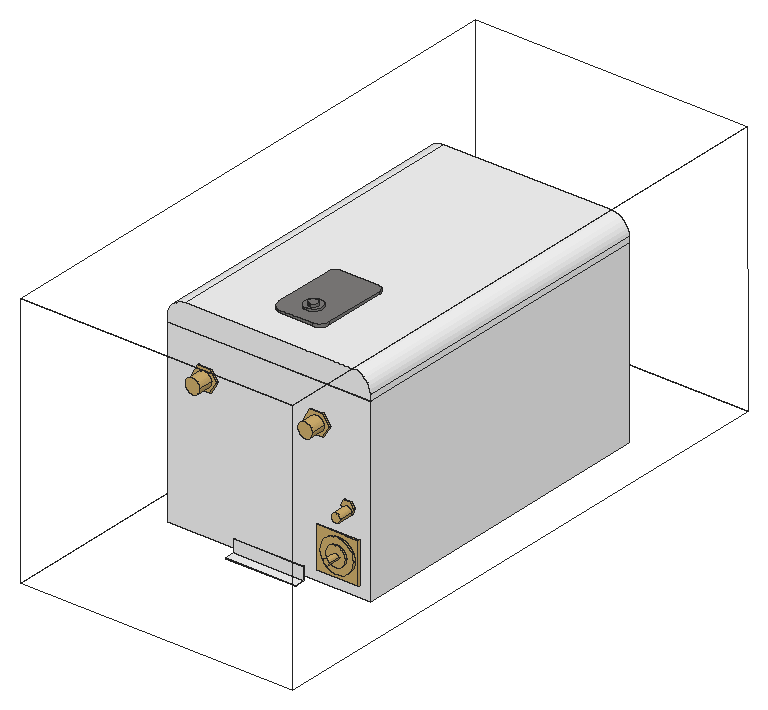
Revit family "Water_Boiler-Navien-NFB-Condensing-NFB-H", category Mechanical Equipment, host Face, Revit 2019
Family settings
  Host = Face
  Round Connector Dimension = Use Diameter
  Part Type = Normal
  OmniClass Number = 23.65.35.11
  OmniClass Title = Supply Water Heaters
  Cut with Voids When Loaded = No
  Shared = No
  Room Calculation Point = No
Parameters (values of type "NFB-200H")
  Width = 1' - 5 77/256"  # constant formula
  Wi-Fi Ready = "NaviLink Wi-Fi Control: This add-on accessory enables access to control temperatures remotely, access usage data and receive diagnostic notifications via smartphone or tablet."  # constant formula
  Weight = 121.00 lbf  # constant formula
  Water Pressure = "6-80 psi"  # constant formula
  Warranty Note = "Heat Exchangers: 15 years limited warranty (Residential), 10 years (Commercial) | Parts: 5 years (Residential), 3 years (Commercial) | Labor: 1 year (Residential), 1 year (Commercial)"  # constant formula
  Warranty = "https://www.navieninc.com/warranties"
  Voltage = 120 V
  Version = "2019 - v1.0.a"  # constant formula
  Venting Type = "Forced draft direct vent"  # constant formula
  Venting = "PVC, CPVC, PP | Size (3in) | Length (150 ft)"  # constant formula
  URL = "https://www.navieninc.com"
  Propane Gas Supply Pressure = "8.0\" to 13.5\" WC"  # constant formula
  Propane Gas Manifold Pressure = "-0.02\"\" to -0.75\"\" WC"
  Product Page URL = "https://www.navieninc.com/products/nfb-200h"
  Product Name = "NFB-H Series Condensing Boiler"  # constant formula
  Product Documentation Link = "https://www.navieninc.com/downloads/nfb-h-quickfacts-en"
  Power Factor = 1
  Phase = 1
  Number of Poles = 1
  Natural Gas Supply Pressure = "3.5\" to 10.5\" WC"  # constant formula
  Natural Gas Manifold Pressure = "-0.03\"\" to -0.85\"\" WC"
  Model = "NFB-200H"
  Material = ""
  Manufacturer Phone Number = "(949) 420-0420"  # constant formula
  Manufacturer Fax Number = "(949) 420-0430"  # constant formula
  Manufacturer Address = "20 Goodyear, Irvine, CA 92618"  # constant formula
  Manufacturer = "Navien, Inc."  # constant formula
  Keynote = "22 33 00.A1"
  Intake = if([2" Exhaust/Intake], 2", 3")  # 3"
  Installation Type = "Indoor Wall-Hung"  # constant formula
  Ignition = "Electronic ignition"  # constant formula
  Hot Water Outlet = 1 1/4"  # constant formula
  Height = 2' - 3 77/128"  # constant formula
  Heating Capacity Note = "13,300-199,900(BTU/H)"
  Heating Capacity = 199900.0 Btu/h
  Gas Inlet = 3/4"  # constant formula
  Frequency = 60 Hz
  Flow Rate = 0 GPM
  Finish = Metal - Navien - White
  Exhaust = if([2" Exhaust/Intake], 2", 3")  # 3"
  Description = "NFB-H High Capacity High-Efficiency Condensing Fire Tube Boiler"  # constant formula
  Depth = 1' - 5 77/256"  # constant formula
  Default Elevation = 4' - 0"
  Cold Water Inlet = 1 1/4"  # constant formula
  Certifications = "Energy Star | AHRI | CSA | ASME"  # constant formula
  3" Exhaust/Intake = not([2" Exhaust/Intake])  # yes
  2" Exhaust/Intake = no
  Copyright = "All contents copyright © Navien Inc."  # constant formula
  Clearance [instance] = yes
  Assembly Code = "D3010500"
  Apparent Load = 0 VA
Types (2): name | Propane Gas Manifold Pressure | Product Page URL | Natural Gas Manifold Pressure | Model | Heating Capacity Note | Heating Capacity
  NFB-175H | "-0.02\"\" to -0.68\"\" WC" | "https://www.navieninc.com/products/nfb-175h" | "-0.03\"\" to -0.70\"\" WC" | "NFB-175H" | "13,300-175,000(BTU/H)" | 175000.0 Btu/h
  NFB-200H | "-0.02\"\" to -0.75\"\" WC" | "https://www.navieninc.com/products/nfb-200h" | "-0.03\"\" to -0.85\"\" WC" | "NFB-200H" | "13,300-199,900(BTU/H)" | 199900.0 Btu/h
Reference planes (in)
  plane 1 "Center (Elevation)": y = 0
  plane 2: z = 0
  plane 3 "Center (Left/Right)": x = 0
  plane 4 "Top": y = 16.12695
  plane 5 "Left": x = -10.28125
  plane 6 "Bottom": y = -11.47461
  plane 7 "Right": x = 7.01953
  plane 8: z = 17.70078
  plane 9 "Center (Front/Back)": z = 8.85039
  plane 10: y = 18.79695
  plane 11: z = 0.4
  plane 12: x = -1.63086
  plane 13 "Condensate Outlet 1": z = 3.0018
  plane 14 "Condensate Outlet 2": x = 4.31875
  plane 15: z = 12.6
  plane 16 "Heating Supply": x = -7.08125
  plane 17 "Heating Return": x = 2.51875
  plane 18 "Gas Connection": z = 7.1
  plane 19: y = 2.32617
  plane 20: z = 21.70078
  plane 21: z = -0.1
Forms (in)
  Extrusion 1, solid, material "Metal - Navien - White" <- "Finish", detail levels medium+fine
    sketch origin (0, 0, 0) x (0, 1, 0) y (0, 0, 1)
      loop
        line (-11.4781, 1.12877) -> (-11.52126, 1.12877) -> (-11.52126, 0.04724) -> (-12.40243, 0.04724) -> (-12.40243, 0) -> (-11.4781, 0) -> (-11.4781, 1.12877)
    from -4.58124 to 1.3703
  Extrusion 2, solid, material "Metal - Navien - White" <- "Finish", detail levels medium+fine
    sketch origin (0, 0, 0) x (1, 0, 0) y (0, 0, 1)
      loop
        line (-10.28125, 15.75) -> (7.01953, 15.75) -> (7.01953, 16.2125)
        arc (7.01953, 16.2125) -> (6.58362, 17.26487) -> (5.53125, 17.70078) r 1.48828
        line (5.53125, 17.70078) -> (-8.78125, 17.70078)
        arc (-8.78125, 17.70078) -> (-9.84191, 17.26144) -> (-10.28125, 16.20078) r 1.5
        line (-10.28125, 16.20078) -> (-10.28125, 15.75)
    from -16.12695 to 11.47461
  Extrusion 3, solid, material "Metal - Navien - Brass, Soft Yellow"
    sketch origin (-3.25, 0, 0) x (-1, 0, 0) y (0, 0, -1)
      loop
        circle (4.99187, -12.56948) r 0.66749
    from -17.42437 to -16.12695
  Extrusion 4, solid, material "Metal - Navien - Black", detail levels medium+fine
    sketch origin (0, 19.32383, 5.90687) x (0, 1, 0) y (-1, 0, 0)
      loop
        arc (-21.15746, 3.16493) -> (-21.34721, 3.62302) -> (-21.80529, 3.81276) r 0.64783
        line (-21.80529, 3.81276) -> (-27.01433, 3.81276)
        arc (-27.01433, 3.81276) -> (-27.64587, 3.55117) -> (-27.90746, 2.91963) r 0.89314
        line (-27.90746, 2.91963) -> (-27.90746, 0.1692)
        arc (-27.90746, 0.1692) -> (-27.68779, -0.36113) -> (-27.15746, -0.5808) r 0.75
        line (-27.15746, -0.5808) -> (-21.78679, -0.5808)
        arc (-21.78679, -0.5808) -> (-21.34179, -0.39648) -> (-21.15746, 0.04853) r 0.62933
        line (-21.15746, 0.04853) -> (-21.15746, 3.16493)
    from 11.79391 to 12
  Extrusion 5, solid, material "Metal - Navien - Black", detail levels medium+fine
    sketch origin (0, 19.32383, 4.3925) x (0, 1, 0) y (-1, 0, 0)
      loop
        circle (-26.04399, 1.63904) r 0.38018
    from 13.51437 to 13.80828
  Extrusion 6, solid, material "Metal - Navien - Black", detail levels medium+fine
    sketch origin (0, 19.32383, 4.3925) x (0, 1, 0) y (-1, 0, 0)
      loop
        circle (-26.03131, 1.6317) r 0.75
    from 13.30828 to 13.64814
  Extrusion 7, solid, material "Metal - Navien - White" <- "Finish", detail levels medium+fine
    sketch origin (-3.37047, -180, 9.44422) x (0, 0, 1) y (0, -1, 0)
      loop
        line (6.30578, -168.59281) -> (6.25519, -168.59281) -> (6.25519, -168.52539) -> (-9.04422, -168.52539) -> (-9.04422, -196.12695) -> (6.25519, -196.12695) -> (6.25519, -196.09016) -> (6.30578, -196.09016) -> (6.30578, -168.59281)
    from -6.91078 to 10.39
  Extrusion 8, solid, material "Metal - Navien - Brass, Soft Yellow"
    sketch origin (0, 0, 0) x (1, 0, 0) y (0, 0, 1)
      loop
        line (-7.61818, 13.42102) -> (-8.17158, 12.5) -> (-7.55826, 11.62408) -> (-6.55826, 11.62408) -> (-5.97074, 12.60186) -> (-6.54432, 13.42102) -> (-7.61818, 13.42102)
      loop
        line (1.98182, 13.42102) -> (1.42842, 12.5) -> (2.04174, 11.62408) -> (3.04174, 11.62408) -> (3.62926, 12.60186) -> (3.05568, 13.42102) -> (1.98182, 13.42102)
      loop
        line (4.85542, 7.48754) -> (4.62132, 7.02808) -> (4.84406, 6.52778) -> (5.49115, 6.52778) -> (5.70898, 7.04373) -> (5.40013, 7.48754) -> (4.85542, 7.48754)
      loop
        line (2.57445, 4.80111) -> (2.57445, 1.30111) -> (6.07445, 1.30111) -> (6.07445, 4.80111) -> (2.57445, 4.80111)
    from 11.47461 to 11.59257
  Extrusion 9, solid, material "Metal - Navien - Brass, Soft Yellow"
    sketch origin (0, 0, 0) x (1, 0, 0) y (0, 0, 1)
      loop
        circle (-7.08466, 12.49537) r 0.625
      loop
        circle (2.51875, 12.5) r 0.625
      loop
        circle (5.13524, 6.7) r 0.375
      loop
        circle (4.32126, 3.04987) r 0.25
    from 11.47461 to 12.78461
  Extrusion 10, solid, material "Metal - Navien - Brass, Soft Yellow", detail levels medium+fine
    sketch origin (0.1875, 0, -0.0625) x (1, 0, 0) y (0, 0, 1)
      loop
        circle (4.17616, 3.13101) r 1.42959
    from 11.59257 to 11.73334
  Extrusion 11, solid, material "Metal - Navien - Brass, Soft Yellow", detail levels medium+fine
    sketch origin (0.1875, 0, -0.0625) x (1, 0, 0) y (0, 0, 1)
      loop
        circle (4.15906, 3.14811) r 0.83408
    from 11.73334 to 11.841
  Extrusion 12, solid, material "Metal - Navien - Brass, Soft Yellow", detail levels medium+fine
    sketch origin (0, 0, 0) x (1, 0, 0) y (0, 0, 1)
      loop
        arc (-8.70931, 11.36209) -> (-8.24187, 11.46877) -> (-7.77443, 11.36209) r 1.07739
        arc (-7.77443, 11.36209) -> (-6.94715, 12.56948) -> (-7.77443, 13.77688) r 1.29472
        arc (-7.77443, 13.77688) -> (-8.24187, 13.67019) -> (-8.70931, 13.77688) r 1.07739
        arc (-8.70931, 13.77688) -> (-9.53659, 12.56948) -> (-8.70931, 11.36209) r 1.29472
    from -16.12695 to -16.43192
  Extrusion 13, solid, material "Metal - Navien - White" <- "Finish", detail levels coarse
    sketch origin (0, 19.32383, 4.3925) x (0, 1, 0) y (-1, 0, 0)
      loop
        line (-3.19688, 10.28125) -> (-30.79844, 10.28125) -> (-30.79844, -7.01953) -> (-3.19688, -7.01953) -> (-3.19688, 10.28125)
    from -3.9925 to 13.30828
  Extrusion 14, solid, material "Clearances - Navien", visible <- "Clearance"
    sketch origin (0, 19.32383, 4.3925) x (0, 1, 0) y (-1, 0, 0)
      loop
        line (5.80312, 13.28125) -> (-42.79844, 13.28125) -> (-42.79844, -10.01953) -> (5.80312, -10.01953) -> (5.80312, 13.28125)
    from -4.4925 to 17.30828
Cuts and joins
  joined: Extrusion 4, Extrusion 5, Extrusion 6
  joined: Extrusion 8, Extrusion 9
Lines and regions (in)
  Split face 1
    outline origin (0, 19.32383, 17.90687) x (0, 1, 0) y (-1, 0, 0)
      loop
        line (-22.00951, 2.94276) -> (-23.25951, 2.94276) -> (-23.25951, 0.19276) -> (-22.00951, 0.19276) -> (-22.00951, 2.94276)
  Split face 2
    outline origin (0, 19.32383, 17.90687) x (0, 1, 0) y (-1, 0, 0)
      loop
        circle (-26.06161, 1.63904) r 1
  Split face 3
    outline origin (-3.16493, -1.83363, 17.90687) x (-1, 0, 0) y (0, -1, 0)
      loop
        line (-0.40505, 2.81895) -> (-0.40505, 3.1715) -> (-2.77222, 3.1715) -> (-2.77222, 2.81895) -> (-0.40505, 2.81895)
  Split face 4
    outline origin (-3.16493, -1.83363, 17.90687) x (-1, 0, 0) y (0, -1, 0)
      loop
        line (-2.97217, 2.10205) -> (-2.97217, 0.85205) -> (-0.22217, 0.85205) -> (-0.22217, 2.10205) -> (-2.97217, 2.10205)
  Split face 5
    outline origin (-3.16493, -1.83363, 17.90687) x (-1, 0, 0) y (0, -1, 0)
      loop
        circle (-1.52589, 4.90415) r 1
  model lines, style "Clearance", visible <- "Clearance"
    curve 1: line (-13.28125, 25.12695, -0.1) -> (-13.28125, -23.47461, -0.1)
    curve 2: line (-13.28125, -23.47461, -0.1) -> (10.01953, -23.47461, -0.1)
    curve 3: line (10.01953, -23.47461, -0.1) -> (10.01953, 25.12695, -0.1)
    curve 4: line (10.01953, 25.12695, -0.1) -> (-13.28125, 25.12695, -0.1)
    curve 5: line (10.01953, 25.12695, 21.70078) -> (10.01953, -23.47461, 21.70078)
    curve 6: line (10.01953, -23.47461, 21.70078) -> (-13.28125, -23.47461, 21.70078)
    curve 7: line (-13.28125, -23.47461, 21.70078) -> (-13.28125, 25.12695, 21.70078)
    curve 8: line (-13.28125, 25.12695, 21.70078) -> (10.01953, 25.12695, 21.70078)
    curve 9: line (10.01953, 25.12695, 21.70078) -> (10.01953, 25.12695, -0.1)
    curve 10: line (-13.28125, 25.12695, 21.70078) -> (-13.28125, 25.12695, -0.1)
    curve 11: line (10.01953, -23.47461, 21.70078) -> (10.01953, -23.47461, -0.1)
    curve 12: line (-13.28125, -23.47461, 21.70078) -> (-13.28125, -23.47461, -0.1)
Dimensions and locks (in)
  plane 5 "Left" to plane 3 "Center (Left/Right)" to plane 7 "Right" = 0' - 10 9/32", 0' - 7 5/256"
  "Width": plane 5 "Left" to plane 7 "Right"
  "Height": plane 4 "Top" to plane 6 "Bottom"
  "Depth": plane 8 to plane 11
  equal spacing: plane 8, plane 9 "Center (Front/Back)", level
  locked: plane 10 to plane 4 "Top" at 2.67
  locked: plane 11 to plane 2 at 0.4
  equal spacing: plane 7 "Right", plane 12, plane 5 "Left"
  locked: plane 13 "Condensate Outlet 1" to plane 11 at 2.6018
  locked: plane 14 "Condensate Outlet 2" to plane 7 "Right" at 2.70078
  locked: plane 8 to plane 15 at 5.10078
  plane 17 "Heating Return" to plane 16 "Heating Supply" to plane 5 "Left" = 0' - 9.6" locked, 0' - 3.2" locked
  locked: plane 18 "Gas Connection" to plane 11 at 6.7
  host face to plane 9 "Center (Front/Back)" = 0' - 8.85039"  (x2)
  locked: host sketch curve to plane 9 "Center (Front/Back)" at 8.85039  (x24)
  locked: Extrusion 1 to plane 9 "Center (Front/Back)" at 7.72162  (x2)
  locked: Extrusion 1 to plane 9 "Center (Front/Back)" at 8.80315  (x2)
  locked: Extrusion 1 to plane 9 "Center (Front/Back)" at 8.85039  (x2)
  locked: Extrusion 1 sketch curve to plane 9 "Center (Front/Back)" at 8.85039  (x10)
  locked: Extrusion 1 sketch curve to plane 9 "Center (Front/Back)" at 8.80315  (x10)
  locked: Extrusion 1 sketch curve to plane 9 "Center (Front/Back)" at 7.72162  (x10)
  locked: Extrusion 1 to level at 1.12877  (x2)
  locked: Extrusion 1 to level at 0.04724  (x2)
  locked: Extrusion 1 sketch curve to level at 0.04724  (x10)
  locked: Extrusion 1 sketch curve to level at 1.12877  (x10)
  locked: Extrusion 2 to plane 9 "Center (Front/Back)" at 8.85039  (x2)
  locked: Extrusion 2 to plane 9 "Center (Front/Back)" at 6.89961  (x2)
  locked: Extrusion 2 sketch curve to plane 9 "Center (Front/Back)" at 6.89961  (x10)
  locked: Extrusion 2 sketch curve to plane 9 "Center (Front/Back)" at 7.36211  (x4)
  locked: Extrusion 2 sketch curve to plane 9 "Center (Front/Back)" at 8.85039  (x10)
  locked: Extrusion 2 sketch curve to plane 9 "Center (Front/Back)" at 7.35039  (x4)
  locked: Extrusion 2 to level at 17.70078  (x2)
  locked: Extrusion 2 to level at 15.75  (x2)
  locked: Extrusion 2 sketch curve to level at 15.75  (x10)
  locked: Extrusion 2 sketch curve to level at 16.2125  (x4)
  locked: Extrusion 2 sketch curve to level at 17.70078  (x10)
  locked: Extrusion 2 sketch curve to level at 16.20078  (x4)
  locked: Extrusion 4 sketch curve to plane 9 "Center (Front/Back)" at 2.94352  (x48)
  locked: Extrusion 4 sketch curve to level at 5.90687  (x48)
  locked: Extrusion 5 sketch curve to plane 9 "Center (Front/Back)" at 4.45789  (x4)
  locked: Extrusion 5 sketch curve to level at 4.3925  (x4)
  locked: Extrusion 6 sketch curve to plane 9 "Center (Front/Back)" at 4.45789  (x4)
  locked: Extrusion 6 sketch curve to level at 4.3925  (x4)
  locked: Extrusion 7 to plane 9 "Center (Front/Back)" at 6.89961  (x2)
  locked: Extrusion 7 to plane 9 "Center (Front/Back)" at 6.84902  (x4)
  locked: Extrusion 7 to plane 9 "Center (Front/Back)" at 8.45039  (x2)
  locked: Extrusion 7 sketch curve to plane 9 "Center (Front/Back)" at 6.89961  (x10)
  locked: Extrusion 7 sketch curve to plane 9 "Center (Front/Back)" at 6.84902  (x20)
  locked: Extrusion 7 sketch curve to plane 9 "Center (Front/Back)" at 8.45039  (x10)
  locked: Extrusion 7 to level at 15.75  (x2)
  locked: Extrusion 7 to level at 15.69941  (x4)
  locked: Extrusion 7 to level at 0.4  (x2)
  locked: Extrusion 7 sketch curve to level at 15.75  (x10)
  locked: Extrusion 7 sketch curve to level at 15.69941  (x20)
  locked: Extrusion 7 sketch curve to level at 0.4  (x10)
  locked: Extrusion 8 sketch curve to plane 9 "Center (Front/Back)" at 4.57063  (x20)
  locked: Extrusion 8 sketch curve to plane 9 "Center (Front/Back)" at 3.75147  (x8)
  locked: Extrusion 8 sketch curve to plane 9 "Center (Front/Back)" at 2.77369  (x20)
  locked: Extrusion 8 sketch curve to plane 9 "Center (Front/Back)" at 3.64961  (x8)
  Extrusion 8 sketch curve to plane 9 "Center (Front/Back)" = 0' - 1.80666"  (x4)
  Extrusion 8 sketch curve to plane 9 "Center (Front/Back)" = 0' - 1.36285"  (x10)
  Extrusion 8 sketch curve to plane 9 "Center (Front/Back)" = 0' - 2.32261"  (x10)
  Extrusion 8 sketch curve to plane 9 "Center (Front/Back)" = 0' - 1.82231"  (x4)
  locked: Extrusion 8 sketch curve to plane 9 "Center (Front/Back)" at 4.04928  (x10)
  locked: Extrusion 8 sketch curve to plane 9 "Center (Front/Back)" at 7.54928  (x10)
  locked: Extrusion 8 sketch curve to level at 13.42102  (x20)
  locked: Extrusion 8 sketch curve to level at 12.60186  (x8)
  locked: Extrusion 8 sketch curve to level at 11.62408  (x20)
  locked: Extrusion 8 sketch curve to level at 12.5  (x8)
  Extrusion 8 sketch curve to level = 0' - 7.04373"  (x4)
  Extrusion 8 sketch curve to level = 0' - 7.48754"  (x10)
  Extrusion 8 sketch curve to level = 0' - 6.52778"  (x10)
  Extrusion 8 sketch curve to level = 0' - 7.02808"  (x4)
  locked: Extrusion 8 sketch curve to level at 4.80111  (x10)
  locked: Extrusion 8 sketch curve to level at 1.30111  (x10)
  plane 6 "Bottom" to Extrusion 1 sketch curve to Extrusion 1 sketch curve to Extrusion 1 sketch curve = 0' - 0.00349" locked, 0' - 0.04316" locked, 0' - 0.88117"
  locked: plane 8 to Extrusion 2 sketch curve at 1.95078
  locked: plane 6 "Bottom" to cut or joined group of Extrusion 8, Extrusion 9 at 1.31
  plane 6 "Bottom" to cut or joined group of Extrusion 8, Extrusion 9 to Extrusion 10 to Extrusion 11 = 0' - 0.11796" locked, 0' - 0.14077" locked, 0' - 0.10765" locked
  locked: Extrusion 11 sketch curve to plane 13 "Condensate Outlet 1" at 0.91788
  locked: plane 14 "Condensate Outlet 2" to Extrusion 11 sketch curve at 0.86189
  locked: Extrusion 10 sketch curve to plane 14 "Condensate Outlet 2" at 1.38468
  locked: plane 13 "Condensate Outlet 1" to Extrusion 10 sketch curve at 1.36287
  locked: plane 13 "Condensate Outlet 1" to Extrusion 9 sketch curve at 0.20193
  locked: plane 14 "Condensate Outlet 2" to Extrusion 9 sketch curve at 0.25251
  Extrusion 8 sketch curve to Extrusion 8 sketch curve to Extrusion 8 sketch curve to Extrusion 8 sketch curve to Extrusion 8 sketch curve to Extrusion 8 sketch curve to Extrusion 8 sketch curve to Extrusion 8 sketch curve to Extrusion 8 sketch curve to Extrusion 8 sketch curve to Extrusion 8 sketch curve to Extrusion 8 sketch curve to Extrusion 8 sketch curve to Extrusion 8 sketch curve to plane 12 to Extrusion 8 sketch curve to Extrusion 8 sketch curve to Extrusion 8 sketch curve to Extrusion 8 sketch curve to Extrusion 8 sketch curve to Extrusion 8 sketch curve = 0' - 0.36546" locked, 0' - 0.21784" locked, 0' - 0.09101" locked, 0' - 0.54471" locked, 0' - 0.01136" locked, 0' - 0.22275" locked, 0' - 0.99206" locked, 0' - 0.57358" locked, 0' - 0.01394" locked, 0' - 0.4673" locked, 0' - 0.5327" locked, 0' - 0.05993" locked, 0' - 0.5534" locked, 0' - 3.05928" locked, 0' - 4.33988" locked, 0' - 0.57358" locked, 0' - 0.01394" locked, 0' - 1" locked, 0' - 0.05993" locked, 0' - 0.5534" locked
  Extrusion 8 sketch curve to Extrusion 8 sketch curve to Extrusion 8 sketch curve to Extrusion 8 sketch curve to Extrusion 8 sketch curve to Extrusion 8 sketch curve to Extrusion 8 sketch curve to Extrusion 8 sketch curve to Extrusion 8 sketch curve to Extrusion 8 sketch curve to Extrusion 8 sketch curve to Extrusion 8 sketch curve to Extrusion 8 sketch curve to Extrusion 8 sketch curve to plane 11 = 0' - 0" locked, 0' - 0.81915" locked, 0' - 0" locked, 0' - 0.10186" locked, 0' - 0" locked, 0' - 0.87592" locked, 0' - 0" locked, 0' - 4.13653", 0' - 0.44382" locked, 0' - 0.01565" locked, 0' - 0.5003" locked, 0' - 1.72667", 0' - 3 1/2", 0' - 0.90111"
  locked: Extrusion 7 sketch curve to plane 6 "Bottom" at 0.06742
  locked: plane 12 to Extrusion 6 sketch curve at 0.74916
  locked: plane 6 "Bottom" to Extrusion 6 sketch curve at 4.01714
  equal spacing: plane 4 "Top", plane 19, plane 6 "Bottom"
  locked: plane 12 to Extrusion 5 sketch curve at 0.37199
  locked: plane 19 to Extrusion 5 sketch curve at 9.4265
  Extrusion 4 sketch curve to Extrusion 4 sketch curve to Extrusion 4 sketch curve to plane 12 to Extrusion 4 sketch curve to Extrusion 4 sketch curve to Extrusion 4 sketch curve = 0' - 0.64783" locked, 0' - 0.24531" locked, 0' - 1.28877" locked, 0' - 1.46166" locked, 0' - 0.12067" locked, 0' - 0.62933" locked
  plane 6 "Bottom" to Extrusion 4 sketch curve to Extrusion 4 sketch curve to Extrusion 4 sketch curve to Extrusion 4 sketch curve to Extrusion 4 sketch curve to Extrusion 4 sketch curve = 0' - 2.89098" locked, 0' - 0 3/4" locked, 0' - 0.14314" locked, 0' - 5.20904" locked, 0' - 0.0185" locked, 0' - 0.62933" locked
  locked: plane 11 to nested 1 at 4.1
  locked: nested 1 to plane 5 "Left" at 13.5
  locked: plane 11 to nested 2 at 4.3
  locked: nested 2 to plane 5 "Left" at 3.8
  locked: plane 20 to plane 8 at 4
  locked: Extrusion 13 to plane 21 at 0.5
  locked: Extrusion 14 sketch curve to plane 5 "Left" at 3
  locked: plane 7 "Right" to Extrusion 14 sketch curve at 3
  locked: Extrusion 14 sketch curve to plane 4 "Top" at 9
  locked: Extrusion 14 sketch curve to plane 6 "Bottom" at 12
  locked: plane 12 to Extrusion 3 sketch curve at 6.61101
  locked: Extrusion 3 sketch curve to level at 12.56948
  plane 12 to Extrusion 12 sketch curve to Extrusion 12 sketch curve to Extrusion 12 sketch curve to Extrusion 12 sketch curve = 0' - 6.14357" locked, 0' - 0" locked, 0' - 0.93488" locked, 0' - 0" locked
  Extrusion 12 sketch curve to Extrusion 12 sketch curve to Extrusion 12 sketch curve to Extrusion 12 sketch curve to level = 0' - 0" locked, 0' - 2.41479" locked, 0' - 0" locked, 0' - 11.36209" locked
  Extrusion 13 sketch curve to plane 12 to Extrusion 13 sketch curve = 0' - 8.65039" locked, 0' - 8.65039" locked
  Extrusion 13 sketch curve to plane 19 to Extrusion 13 sketch curve = 1' - 1 205/256" locked, 1' - 1 205/256" locked
  aligned and locked: plane 2 to host face
  aligned and locked: level to host face
  aligned and locked: plane 4 "Top" to Extrusion 2
  aligned and locked: plane 6 "Bottom" to Extrusion 2
  aligned and locked: Extrusion 3 to plane 4 "Top"
  aligned and locked: Extrusion 4 to plane 8
  aligned and locked: Extrusion 6 to plane 8
  aligned and locked: Extrusion 7 to plane 5 "Left"
  aligned and locked: Extrusion 7 to plane 7 "Right"
  aligned and locked: Extrusion 8 to plane 6 "Bottom"
  aligned and locked: Extrusion 9 to plane 6 "Bottom"
  aligned and locked: Extrusion 2 sketch curve to plane 5 "Left"
  aligned and locked: Extrusion 2 sketch curve to plane 7 "Right"
  aligned and locked: plane 8 to Extrusion 2 sketch curve
  aligned and locked: Extrusion 7 sketch curve to plane 4 "Top"
  aligned and locked: plane 6 "Bottom" to Extrusion 7 sketch curve
  aligned and locked: plane 20 to Extrusion 14
  aligned and locked: Extrusion 14 to plane 21
  aligned and locked: plane 20 to curve 11
  aligned and locked: plane 20 to curve 12
  aligned and locked: plane 20 to curve 9
  aligned and locked: plane 20 to curve 10
Automatic sketch dimensions
  host sketch curve to host sketch curve = 3' - 11 9/32"
  host sketch curve to host sketch curve = 3' - 8"
  level to Extrusion 1 sketch curve = 0' - 0"
  plane 7 "Right" to Extrusion 2 sketch curve = 0' - 1 125/256"
  Extrusion 2 sketch curve to Extrusion 2 sketch curve = 0' - 0.45078"
  Split face 1 sketch curve to Extrusion 4 = 0' - 0.87"
  Split face 1 sketch curve to Extrusion 4 = 0' - 2.10205"
  Split face 1 sketch curve to Extrusion 4 = 0' - 0.85205"
  Split face 1 sketch curve to Extrusion 4 = 0' - 0.77356"
  Split face 2 sketch curve to Extrusion 4 = 0' - 1.84585"
  Split face 2 sketch curve to Extrusion 4 = 0' - 2.17372"
  Split face 3 sketch curve to cut or joined group of Extrusion 4, Extrusion 5, Extrusion 6 = 0' - 0.97352"
  Split face 3 sketch curve to cut or joined group of Extrusion 4, Extrusion 5, Extrusion 6 = 0' - 1.05288"
  Split face 3 sketch curve to cut or joined group of Extrusion 4, Extrusion 5, Extrusion 6 = 0' - 2.81895"
  Split face 3 sketch curve to Split face 3 sketch curve = 0' - 0.35256"
  Extrusion 7 sketch curve to plane 4 "Top" = 0' - 0.03679"
  plane 7 "Right" to Extrusion 9 sketch curve = 0' - 1.88429"
  Extrusion 9 sketch curve to plane 9 "Center (Front/Back)" = 0' - 2.15039"
  plane 9 "Center (Front/Back)" to Extrusion 9 sketch curve = 0' - 3.64961"
  plane 9 "Center (Front/Back)" to Extrusion 9 sketch curve = 0' - 3.64498"
  plane 3 "Center (Left/Right)" to Extrusion 9 sketch curve = 0' - 2.51875"
  Extrusion 5 sketch curve to plane 12 = 0' - 0.00818"
  Extrusion 6 sketch curve to plane 12 = 0' - 0.00084"
  plane 5 "Left" to Extrusion 9 sketch curve = 0' - 3.19659"
  Extrusion 12 sketch curve to Extrusion 12 sketch curve = 0' - 0"
  Extrusion 12 sketch curve to plane 16 "Heating Supply" = 0' - 1.16062"
  Extrusion 12 sketch curve to Extrusion 12 sketch curve = 0' - 2.1781"
  Extrusion 12 sketch curve to Extrusion 12 sketch curve = 0' - 0.97071"
  Split face 4 sketch curve to cut or joined group of Extrusion 4, Extrusion 5, Extrusion 6 = 0' - 0.87"
  Split face 4 sketch curve to cut or joined group of Extrusion 4, Extrusion 5, Extrusion 6 = 0' - 0.85205"
  Split face 4 sketch curve to Split face 4 sketch curve = 0' - 1 1/4"
  Split face 4 sketch curve to cut or joined group of Extrusion 4, Extrusion 5, Extrusion 6 = 0' - 0.77356"
  Split face 5 sketch curve to Split face 5 sketch curve = 0' - 0"  (x2)
  Split face 5 sketch curve to cut or joined group of Extrusion 4, Extrusion 5, Extrusion 6 = 0' - 2.17372"
  Split face 5 sketch curve to cut or joined group of Extrusion 4, Extrusion 5, Extrusion 6 = 0' - 1.84585"
  Split face 5 sketch curve to Split face 5 sketch curve = 0' - 1"
  curve 5 to plane 7 "Right" = 0' - 3"
  plane 10 to curve 8 = 0' - 6.33"
  curve 7 to plane 5 "Left" = 0' - 3"
  plane 6 "Bottom" to curve 7 = 1' - 0"
  curve 11 to plane 21 = 0' - 0"
  curve 11 to plane 20 = 0' - 0"
  curve 12 to plane 21 = 0' - 0"
  curve 12 to plane 20 = 0' - 0"
  curve 11 to plane 7 "Right" = 0' - 3"
  curve 12 to plane 5 "Left" = 0' - 3"
  curve 10 to plane 20 = 0' - 0"
  curve 10 to plane 21 = 0' - 0"
  curve 9 to plane 21 = 0' - 0"
  curve 9 to plane 20 = 0' - 0"
  curve 10 to plane 5 "Left" = 0' - 3"
  curve 9 to plane 7 "Right" = 0' - 3"
  curve 2 to plane 7 "Right" = 0' - 3"
  plane 6 "Bottom" to curve 2 = 1' - 0"
  curve 2 to plane 5 "Left" = 0' - 3"
  plane 10 to curve 1 = 0' - 6.33"
  radius of Split face 2 sketch curve = 0' - 1"
  radius of Extrusion 9 sketch curve = 0' - 0 5/8"  (x2)
  radius of Extrusion 9 sketch curve = 0' - 0 3/8"
  radius of Extrusion 9 sketch curve = 0' - 0 1/4"
  radius of Extrusion 10 sketch curve = 0' - 1.42959"
  radius of Extrusion 11 sketch curve = 0' - 0.83408"
  radius of Extrusion 3 sketch curve = 0' - 0.66749"
Nested families (in)
  nested 1: "Intake_Exhaust" at (3.21875, 16.12695, 4.5) x (0, 0, -1) z (0, 1, 0), type "Intake_Exhaust"
    with Small Vent no, Large Vent yes
  nested 2: "Intake_Exhaust" at (-6.48125, 16.12695, 4.7) x (0, 0, -1) z (0, 1, 0), type "Intake_Exhaust"
    with Small Vent yes, Large Vent no
Connectors (in)
  piping at (-7.08466, -12.78461, 12.49537), diameter 1.25, driven by "Cold Water Inlet"
    settings: on cut or joined group of Extrusion 8, Extrusion 9, index 1, connector inside diameter 24", connector length 0' - 0", flow factor 0, pipe flow 0 GPM, pressure drop 0.00 psi, fitting loss kfactor 0, connector angle 0.00°, fixture units 0, engagement length 0' - 0", angle of deflection 0.00°, flow configuration 0, flow direction 1, fitting loss method 0, system type 20, joint type 0, gender type 0, connector reference index -1, connector utility 0, adjustable connector no, is connector primary yes, connector description "Heating Supply Connection"
  piping at (5.13524, -12.78461, 6.7), diameter 0.75, driven by "Gas Inlet"
    settings: on cut or joined group of Extrusion 8, Extrusion 9, index 2, connector inside diameter 24", connector length 0' - 0", flow factor 0, pipe flow 0 GPM, pressure drop 0.00 psi, fitting loss kfactor 0, connector angle 0.00°, fixture units 0, engagement length 0' - 0", angle of deflection 0.00°, flow configuration 0, flow direction 1, fitting loss method 0, system type 22, joint type 0, gender type 0, connector reference index -1, connector utility 0, adjustable connector no, is connector primary no, connector description "Natural Gas Connection"
  piping at (2.51875, -12.78461, 12.5), diameter 1.25, driven by "Hot Water Outlet"
    settings: on cut or joined group of Extrusion 8, Extrusion 9, index 3, connector inside diameter 24", connector length 0' - 0", flow factor 0, pipe flow 0 GPM, pressure drop 0.00 psi, fitting loss kfactor 0, connector angle 0.00°, fixture units 0, engagement length 0' - 0", angle of deflection 0.00°, flow configuration 0, flow direction 2, fitting loss method 0, system type 19, joint type 0, gender type 0, connector reference index -1, connector utility 0, adjustable connector no, is connector primary no, connector description "Heating Return Connection"
  piping at (4.32126, -12.78461, 3.04987), diameter 0.5
    settings: on cut or joined group of Extrusion 8, Extrusion 9, index 7, connector inside diameter 24", connector length 0' - 0", flow factor 0, pipe flow 0 GPM, pressure drop 0.00 psi, fitting loss kfactor 0, connector angle 0.00°, fixture units 0, engagement length 0' - 0", angle of deflection 0.00°, flow configuration 0, flow direction 2, fitting loss method 0, system type 16, joint type 0, gender type 0, connector reference index -1, connector utility 0, adjustable connector no, is connector primary no, connector description "Condensate Outlet Connection"
  hvac at (3.21875, 18.24138, 4.5), driven by "Exhaust"
    settings: on nested 1, index 8, duct flow 0 CFM, flow factor 0, pres drop 0.00 in-wg, loss coef 0, conn angle 0.00°, conn width 12", conn height 12", conn diameter 3", duct sys type 3, conn prof type 0, flow config 0, flow direction 2, loss method 0, conn ref index -1, conn util no, is conn primary yes, conn desc "Exhaust Gas Vent Connection"
  hvac at (-6.48125, 18.24138, 4.7), driven by "Exhaust"
    settings: on nested 2, index 9, duct flow 0 CFM, flow factor 0, pres drop 0.00 in-wg, loss coef 0, conn angle 0.00°, conn width 12", conn height 12", conn diameter 3", duct sys type 4, conn prof type 0, flow config 0, flow direction 1, loss method 0, conn ref index -1, conn util no, is conn primary no, conn desc "Air Intake Connection"
  piping at (-8.24187, 17.42437, 12.56948), diameter 0.75
    settings: on Extrusion 3, index 10, connector inside diameter 24", connector length 0' - 0", flow factor 0, pipe flow 0 GPM, pressure drop 0.00 psi, fitting loss kfactor 0, connector angle 0.00°, fixture units 0, engagement length 0' - 0", angle of deflection 0.00°, flow configuration 0, flow direction 2, fitting loss method 0, system type 22, joint type 0, gender type 0, connector reference index -1, connector utility 0, adjustable connector no, is connector primary no, connector description "Pressure Relief Valve Connection"
  electrical at (-1.63086, 2.32617, 0.4), driven by "Power Factor", driven by "Apparent Load", driven by "Voltage", driven by "Number of Poles"
    settings: on Extrusion 7, index 11, voltage 120 V, apparent load 0 VA, apparent load phase1 0 VA, apparent load phase2 0 VA, apparent load phase3 0 VA, power factor 1, load classification "Other", number of poles 1, system type 31, power factor state 1, is connector primary yes, connector utility no, sub classification motor no, connector description "Electrical Connector"
Definition of nested family "Intake_Exhaust"
  Parameters (values of type "Intake_Exhaust")
    Small Vent [instance] = yes
    Large Vent [instance] = yes
    Finish = none
    Default Elevation = 4' - 0"
  Reference planes (in)
    plane 1 "Center (Front/Back)": y = 0
    plane 2: z = 0
    plane 3 "Center (Left/Right)": x = 0
    plane 4: x = -1.46602
    plane 5: x = 1.46602
    plane 6: y = -1.45577
  Forms (in)
    Extrusion 1, solid
      sketch origin (0, 0, 0) x (1, 0, 0) y (0, 1, 0)
        loop
          line (-48, 48) -> (-48, -48) -> (48, -48) -> (48, 48) -> (-48, 48)
      from 0 to -12
    Extrusion 2, solid, material <- "Finish", visible <- "Small Vent", detail levels fine
      sketch origin (0, 0, 0) x (1, 0, 0) y (0, 1, 0)
        loop
          arc (0.9965, 1.70215) -> (0.51624, 1.90363) -> (0, 1.97239) r 1.97239
          arc (0, 1.97239) -> (-0.51624, 1.90363) -> (-0.9965, 1.70215) r 1.97239
          line (-0.9965, 1.70215) -> (-1.43788, 1.70215)
          arc (-1.43788, 1.70215) -> (-1.60414, 1.64015) -> (-1.6892, 1.48443) r 0.25391
          line (-1.6892, 1.48443) -> (-1.6892, 1.0183)
          arc (-1.6892, 1.0183) -> (-1.90027, 0.52847) -> (-1.97239, 0) r 1.97239
          arc (-1.97239, 0) -> (-1.90027, -0.52847) -> (-1.6892, -1.0183) r 1.97239
          line (-1.6892, -1.0183) -> (-1.6892, -1.48443)
          arc (-1.6892, -1.48443) -> (-1.60414, -1.64015) -> (-1.43788, -1.70215) r 0.25391
          line (-1.43788, -1.70215) -> (-0.9965, -1.70215)
          arc (-0.9965, -1.70215) -> (-0.51624, -1.90363) -> (0, -1.97239) r 1.97239
          arc (0, -1.97239) -> (0.51624, -1.90363) -> (0.9965, -1.70215) r 1.97239
          line (0.9965, -1.70215) -> (1.43788, -1.70215)
          arc (1.43788, -1.70215) -> (1.60414, -1.64015) -> (1.6892, -1.48443) r 0.25391
          line (1.6892, -1.48443) -> (1.6892, -1.0183)
          arc (1.6892, -1.0183) -> (1.90027, -0.52847) -> (1.97239, 0) r 1.97239
          arc (1.97239, 0) -> (1.90027, 0.52847) -> (1.6892, 1.0183) r 1.97239
          line (1.6892, 1.0183) -> (1.6892, 1.48443)
          arc (1.6892, 1.48443) -> (1.60414, 1.64015) -> (1.43788, 1.70215) r 0.25391
          line (1.43788, 1.70215) -> (0.9965, 1.70215)
      from 0 to 0.34785
    Extrusion 3, solid, material <- "Finish", visible <- "Small Vent", detail levels fine
      sketch origin (0, 0, 0) x (1, 0, 0) y (0, 0, 1)
        loop
          line (-1.4392, 1.43851) -> (-1.57327, 1.43851) -> (-1.97024, 0.34785) -> (-1.4392, 0.34785) -> (-1.4392, 1.43851)
      from -0.0824 to 0.06448
    Extrusion 4, solid, material <- "Finish", visible <- "Small Vent", detail levels fine
      sketch origin (0, 0, 0) x (-1, 0, 0) y (0, 0, -1)
        loop
          line (-1.4392, -1.43851) -> (-1.4392, -0.34785) -> (-1.97024, -0.34785) -> (-1.57327, -1.43851) -> (-1.4392, -1.43851)
      from -0.0824 to 0.06448
    Extrusion 5, solid, material <- "Finish", visible <- "Small Vent", detail levels fine
      sketch origin (-0.01835, 0.01025, 0) x (0, 1, 0) y (0, 0, 1)
        loop
          line (-1.4624, 1.43851) -> (-1.58098, 1.43851) -> (-1.97795, 0.34785) -> (-1.4624, 0.34785) -> (-1.4624, 1.43851)
      from -0.06791 to 0.09876
    Extrusion 6, solid, material <- "Finish", visible <- "Small Vent", detail levels fine
      sketch origin (0, 0, 0) x (1, 0, 0) y (0, 1, 0)
        loop
          circle (0, 0) r 1.34645
        loop
          circle (0, 0) r 1.25
      from 0.17664 to 2.11443
    Extrusion 7, solid, material <- "Finish", visible <- "Small Vent", detail levels fine
      sketch origin (0, 0, 0) x (1, 0, 0) y (0, 1, 0)
        loop
          circle (0, 0) r 1.5792
        loop
          circle (0, 0) r 1.34645
      from 0 to 1.4562
    Extrusion 8, solid, material <- "Finish", detail levels coarse+medium
      sketch origin (0, 0, 0) x (1, 0, 0) y (0, 1, 0)
        loop
          line (-1.6892, 1.70215) -> (-1.6892, -1.70215) -> (1.6892, -1.70215) -> (1.6892, 1.70215) -> (-1.6892, 1.70215)
      from 0 to 0.34785
    Extrusion 9, solid, material <- "Finish", detail levels medium
      sketch origin (0, 0, 0) x (1, 0, 0) y (0, 1, 0)
        loop
          circle (0, 0) r 1.97239
      from 0 to 0.34785
    Extrusion 10, solid, material <- "Finish", detail levels coarse+medium
      sketch origin (0, 0, 0) x (1, 0, 0) y (0, 1, 0)
        loop
          circle (0, 0) r 1.34645
      from 0.34785 to 2.11443
    Extrusion 11, solid, material <- "Finish", visible <- "Large Vent", detail levels fine
      sketch origin (0, 0, 0) x (1, 0, 0) y (0, 1, 0)
        loop
          arc (0.9965, 1.70215) -> (0.51624, 1.90363) -> (0, 1.97239) r 1.97239
          arc (0, 1.97239) -> (-0.51624, 1.90363) -> (-0.9965, 1.70215) r 1.97239
          line (-0.9965, 1.70215) -> (-1.43788, 1.70215)
          arc (-1.43788, 1.70215) -> (-1.60414, 1.64015) -> (-1.6892, 1.48443) r 0.25391
          line (-1.6892, 1.48443) -> (-1.6892, 1.0183)
          arc (-1.6892, 1.0183) -> (-1.90027, 0.52847) -> (-1.97239, 0) r 1.97239
          arc (-1.97239, 0) -> (-1.90027, -0.52847) -> (-1.6892, -1.0183) r 1.97239
          line (-1.6892, -1.0183) -> (-1.6892, -1.48443)
          arc (-1.6892, -1.48443) -> (-1.60414, -1.64015) -> (-1.43788, -1.70215) r 0.25391
          line (-1.43788, -1.70215) -> (-0.9965, -1.70215)
          arc (-0.9965, -1.70215) -> (-0.51624, -1.90363) -> (0, -1.97239) r 1.97239
          arc (0, -1.97239) -> (0.51624, -1.90363) -> (0.9965, -1.70215) r 1.97239
          line (0.9965, -1.70215) -> (1.43788, -1.70215)
          arc (1.43788, -1.70215) -> (1.60414, -1.64015) -> (1.6892, -1.48443) r 0.25391
          line (1.6892, -1.48443) -> (1.6892, -1.0183)
          arc (1.6892, -1.0183) -> (1.81137, -0.78055) -> (1.90027, -0.52847) r 1.97239
          line (1.90027, -0.52847) -> (2.65027, -0.52847)
          arc (2.65027, -0.52847) -> (2.82705, -0.45525) -> (2.90027, -0.27847) r 0.25
          line (2.90027, -0.27847) -> (2.90027, 0.27847)
          arc (2.90027, 0.27847) -> (2.82705, 0.45525) -> (2.65027, 0.52847) r 0.25
          line (2.65027, 0.52847) -> (1.90027, 0.52847)
          arc (1.90027, 0.52847) -> (1.81137, 0.78055) -> (1.6892, 1.0183) r 1.97239
          line (1.6892, 1.0183) -> (1.6892, 1.48443)
          arc (1.6892, 1.48443) -> (1.60414, 1.64015) -> (1.43788, 1.70215) r 0.25391
          line (1.43788, 1.70215) -> (0.9965, 1.70215)
      from 0 to 0.34785
    Extrusion 12, solid, material <- "Finish", visible <- "Large Vent", detail levels fine
      sketch origin (-0.01835, 0.01025, 0) x (0, 1, 0) y (0, 0, 1)
        loop
          line (1.47418, 0.34785) -> (2.00522, 0.34785) -> (1.71369, 2.18851) -> (1.47418, 2.18851) -> (1.47418, 0.34785)
        loop
          line (-1.49468, 0.34785) -> (-1.49468, 2.18851) -> (-1.73419, 2.18851) -> (-2.02572, 0.34785) -> (-1.49468, 0.34785)
      from -0.06791 to 0.09876
    Extrusion 13, solid, material <- "Finish", visible <- "Large Vent", detail levels fine
      sketch origin (0, 0, 0) x (1, 0, 0) y (0, 1, 0)
        loop
          circle (0, 0) r 1.34645
        loop
          circle (0, 0) r 1.25
      from 0 to 0.34785
    Extrusion 14, solid, material <- "Finish", visible <- "Large Vent", detail levels fine
      sketch origin (0, 0, 0) x (1, 0, 0) y (0, 1, 0)
        loop
          circle (0, 0) r 1.5792
        loop
          circle (0, 0) r 1.34645
      from 1.21702 to 2.18851
    Extrusion 15, solid, material <- "Finish", detail levels coarse+medium
      sketch origin (0, 0, 0) x (1, 0, 0) y (0, 1, 0)
        loop
          line (-1.6892, 1.70215) -> (-1.6892, -1.70215) -> (1.6892, -1.70215) -> (1.6892, 1.70215) -> (-1.6892, 1.70215)
      from 0 to 0.34785
    Extrusion 16, solid, material <- "Finish", detail levels medium
      sketch origin (0, 0, 0) x (1, 0, 0) y (0, 1, 0)
        loop
          arc (1.90027, 0.52847) -> (-1.97239, 0) -> (1.90027, -0.52847) r 1.97239
          line (1.90027, -0.52847) -> (2.90027, -0.52847) -> (2.90027, 0.52847) -> (1.90027, 0.52847)
      from 0 to 0.34785
    Extrusion 17, solid, material <- "Finish", visible <- "Large Vent"
      sketch origin (0, 0, 0) x (1, 0, 0) y (0, 1, 0)
        loop
          circle (0, 0) r 1.5
      from 0.34785 to 2.75
    Extrusion 18, solid, material <- "Finish", visible <- "Large Vent", detail levels medium+fine
      sketch origin (-12, 0, 0) x (1, 0, 0) y (0, 0, 1)
        loop
          arc (14.65027, 1.21563) -> (14.49606, 1.58792) -> (14.12377, 1.74213) r 0.5265
          line (14.12377, 1.74213) -> (12.90027, 1.74213) -> (12.90027, 0.34785) -> (14.65027, 0.34785) -> (14.65027, 1.21563)
      from -0.28531 to 0.25119
    Extrusion 19, solid, material <- "Finish", visible <- "Large Vent", detail levels medium+fine
      sketch origin (-12, 0, 0) x (0, 1, 0) y (0, 0, 1)
        loop
          line (-0.40347, 0.34785) -> (0.41474, 0.34785) -> (0.41474, 1.807) -> (-0.40347, 1.807) -> (-0.40347, 0.34785)
      from 13.28684 to 13.90027
    Extrusion 20, solid, visible <- "Large Vent"
      sketch origin (-12, 0, 0) x (0, 1, 0) y (0, 0, 1)
        loop
          line (-1.22022, 2.77614) -> (-1.22022, 2.83068) -> (-1.55623, 2.83068) -> (-1.55623, 2.18851) -> (-1.51188, 2.18851) -> (-1.51188, 2.77614) -> (-1.22022, 2.77614)
        loop
          line (1.22022, 2.77614) -> (1.51188, 2.77614) -> (1.51188, 2.18851) -> (1.55623, 2.18851) -> (1.55623, 2.83068) -> (1.22022, 2.83068) -> (1.22022, 2.77614)
      from 11.39341 to 12.56507
    Extrusion 21, solid, visible <- "Large Vent"
      sketch origin (-12, 0, 0) x (1, 0, 0) y (0, 0, 1)
        loop
          line (13.22145, 2.18851) -> (13.34007, 2.18851) -> (13.34007, 2.78161) -> (13.60569, 2.78161) -> (13.60569, 2.892) -> (13.22145, 2.892) -> (13.22145, 2.18851)
        loop
          line (10.77855, 2.18851) -> (10.77855, 2.892) -> (10.39431, 2.892) -> (10.39431, 2.78161) -> (10.65993, 2.78161) -> (10.65993, 2.18851) -> (10.77855, 2.18851)
      from -0.52847 to 0.49369
  Dimensions and locks (in)
    aligned and locked: plane 2 to Extrusion 1
    aligned and locked: level to Extrusion 1
